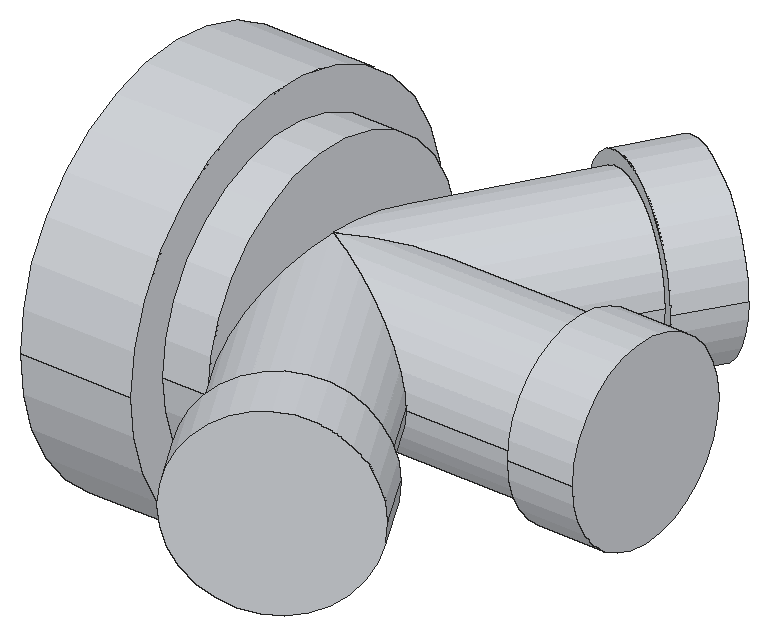
Revit family "efb2307314a445c7a1d3ff4b032b0110", category Mechanical Equipment, Revit 2021
Family settings
  Round Connector Dimension = Use Radius
  Part Type = Normal
  OmniClass Number = 23.65.70.17.14
  OmniClass Title = Water Fire Fighting Terminals
  Seek Item ID = Fire Department Inlet Connection - 3 Way - Body-0000-USA-ENU
  Work Plane-Based = No
  Always vertical = Yes
  Cut with Voids When Loaded = No
  Shared = No
  Room Calculation Point = No
Parameters (values of type "4"x2 1/2"x2 1/2"x2 1/2"")
  Nominal Radius = 2"
  Nominal Diameter = 2 * Nominal Radius  # 4"
  Default Elevation = 0' - 0"
  Connection Body Material = none
  Assembly Code = ""
Types (2): name | Nominal Radius | Nominal Diameter
  4"x2 1/2"x2 1/2"x2 1/2" | 2" | 4"
  6"x2 1/2"x2 1/2"x2 1/2" | 3" | 6"
Reference planes (in)
  plane 1 "Center (Front/Back)": y = 0
  plane 2: z = 0
  plane 3 "Center (Left/Right)": x = 0
  plane 4: x = 2.125
  plane 5: x = 3
  plane 6: x = 7.75
  plane 7: x = 9
  plane 8: x = 5.375
  plane 9: x = 6
Forms (in)
  Extrusion 1, solid, material <- "Connection Body Material", detail levels fine
    sketch origin (0, 0, 0) x (0, 1, 0) y (0, 0, 1)
      loop
        circle (0, 0) r 3.75
    from 0 to 2.125
  Extrusion 2, solid, material <- "Connection Body Material", detail levels fine
    sketch origin (0, 0, 0) x (0, 1, 0) y (0, 0, 1)
      loop
        circle (0, 0) r 3
    from 2.125 to 3
  Extrusion 3, solid, material <- "Connection Body Material", detail levels fine
    sketch origin (0, 0, 0) x (0, 1, 0) y (0, 0, 1)
      loop
        circle (0, 0) r 1.5
    from 3 to 7.75
  Extrusion 4, solid, material <- "Connection Body Material", detail levels fine
    sketch origin (0, 0, 0) x (0, 1, 0) y (0, 0, 1)
      loop
        circle (0, 0) r 1.75
    from 7.75 to 9
  Sweep 5, solid, material <- "Connection Body Material", detail levels fine
    path in 3D
      loop
        line (3, 0, 0) -> (5.375, 4.11362, 0)
    profile origin (4.1875, 2.05681, 0) x (-0.866025, 0.5, 0) y (0, 0, 1)
      loop
        circle (0, 0) r 1.5
  Sweep 6, solid, material <- "Connection Body Material", detail levels fine
    path in 3D
      loop
        line (5.375, 4.11362, 0) -> (6, 5.19615, 0)
    profile origin (5.6875, 4.65489, 0) x (-0.866025, 0.5, 0) y (0, 0, 1)
      loop
        circle (0, 0) r 1.75
  Sweep 7, solid, material <- "Connection Body Material", detail levels fine
    path in 3D
      loop
        line (3, 0, 0) -> (5.37536, -4.11425, 0)
    profile origin (4.18768, -2.05712, 0) x (0.866025, 0.5, 0) y (0, 0, 1)
      loop
        circle (0, 0) r 1.5
  Sweep 8, solid, material <- "Connection Body Material", detail levels fine
    path in 3D
      loop
        line (5.375, -4.11362, 0) -> (6, -5.19615, 0)
    profile origin (5.6875, -4.65489, 0) x (0.866025, 0.5, 0) y (0, 0, 1)
      loop
        circle (0, 0) r 1.75
Cuts and joins
  joined: Extrusion 1, Extrusion 2, Sweep 5, Sweep 6
Lines and regions (in)
  sketch lines
    curve 1: line (3, 0, 0) -> (5.375, 4.11362, 0)
    curve 2: line (5.375, 4.11362, 0) -> (6, 5.19615, 0)
    curve 3: line (3, 0, 0) -> (5.37536, -4.11425, 0)
    curve 4: line (5.375, -4.11362, 0) -> (6, -5.19615, 0)
  model lines, detail levels coarse+medium
    curve 5: line (0, 0, 0) -> (7.75, 0, 0)
    curve 6: line (5.375, 4.11362, 0) -> (3, 0, 0)
    curve 7: line (3, 0, 0) -> (5.375, -4.11362, 0)
    curve 8: circle (5.6875, 4.65489, 0) r 0.625 normal (0, 0, 1)
    curve 9: circle (8.375, 0, 0) r 0.625 normal (0, 0, 1)
    curve 10: circle (5.6875, -4.65489, 0) r 0.625 normal (0, 0, 1)
  symbolic lines
    curve 11: circle (0, 0, 0) r 3.75 normal (1, 0, 0)
  symbolic lines, detail levels coarse+medium
    curve 12: circle (8.375, 0, 0) r 0.625 normal (0, -1, 0)
Dimensions and locks (in)
  locked: plane 3 "Center (Left/Right)" to plane 4 at 2.125
  locked: plane 4 to plane 5 at 0.875
  locked: plane 5 to plane 6 at 4.75
  locked: plane 6 to plane 7 at 1.25
  locked: plane 5 to plane 8 at 2.375
  locked: plane 8 to plane 9 at 0.625
  radius of Extrusion 4 sketch curve = 0' - 1 3/4"
  radius of curve 11 = 0' - 3 3/4"
  radius of curve 12 = 0' - 0 5/8"
  aligned and locked: plane 1 "Center (Front/Back)" to Extrusion 1 sketch curve
  aligned and locked: plane 2 to Extrusion 1 sketch curve
  aligned and locked: Extrusion 1 to plane 3 "Center (Left/Right)"
  aligned and locked: plane 4 to Extrusion 1
  aligned and locked: plane 1 "Center (Front/Back)" to Extrusion 2 sketch curve
  aligned and locked: plane 2 to Extrusion 2 sketch curve
  aligned and locked: Extrusion 2 to plane 4
  aligned and locked: plane 5 to Extrusion 2
  aligned and locked: plane 1 "Center (Front/Back)" to Extrusion 3 sketch curve
  aligned and locked: plane 2 to Extrusion 3 sketch curve
  aligned and locked: Extrusion 3 to plane 5
  aligned and locked: plane 6 to Extrusion 3
  aligned and locked: plane 1 "Center (Front/Back)" to Extrusion 4 sketch curve
  aligned and locked: plane 2 to Extrusion 4 sketch curve
  aligned and locked: Extrusion 4 to plane 6
  aligned and locked: plane 7 to Extrusion 4  (x2)
  aligned and locked: plane 5 to cut or joined group of Extrusion 1, Extrusion 2, Sweep 5, Sweep 6
  aligned and locked: plane 1 "Center (Front/Back)" to curve 5
  aligned and locked: plane 3 "Center (Left/Right)" to curve 5
  aligned and locked: plane 6 to curve 5
  aligned and locked: plane 5 to curve 7
  aligned and locked: plane 8 to curve 6
  aligned and locked: plane 5 to curve 6
  aligned and locked: plane 8 to curve 7
  aligned and locked: cut or joined group of Extrusion 1, Extrusion 2, Sweep 5, Sweep 6 to curve 6
  aligned and locked: Extrusion 3 to plane 6
  aligned and locked: plane 1 "Center (Front/Back)" to cut or joined group of Extrusion 1, Extrusion 2, Sweep 5, Sweep 6
  aligned and locked: plane 1 "Center (Front/Back)" to curve 11
  aligned and locked: plane 2 to curve 11
Connectors (in)
  piping at (0, 0, 0), diameter 4, driven by "Nominal Radius"
    settings: on Extrusion 1, index 1, connector inside diameter 4", connector length 0' - 0", flow factor 0, pipe flow 0 GPM, pressure drop 0.00 psi, fitting loss kfactor 0, connector angle 0.00°, fixture units 0, engagement length 0' - 0", angle of deflection 0.00°, flow configuration 1, flow direction 2, fitting loss method 0, system type 29, joint type 0, gender type 0, connector reference index -1, connector utility 0, adjustable connector no, is connector primary yes, connector description "Out"
